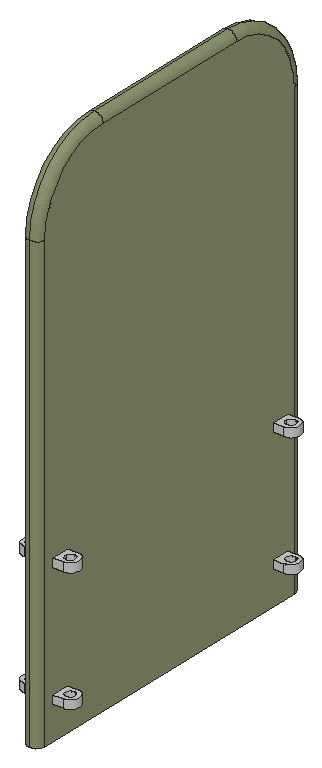
Revit family "FU_Table_Sandler_REUNION 1281", category Furniture, Revit 2020
Family settings
  OmniClass Number = 23.21.23.15.17
  Work Plane-Based = Yes
  Always vertical = No
  Cut with Voids When Loaded = No
  Shared = No
  Room Calculation Point = No
Parameters (values of type "REUNION 1281A")
  Z-Offset = 355.000 mm
  Youtube clip = ""
  X-Offset = 470.000 mm
  Uniformat II Description = "Movable Furnishings"
  Uniformat II Code = ""
  Uniclass 2015 Name = ""
  Uniclass 2015 Code = ""
  Uniclass 2.0 Description = ""
  Uniclass 2.0 Code = ""
  Uniclass 1.4 Description = ""
  Uniclass 1.4 Code = ""
  UNSPSC Code = ""
  Technical description = ""
  Region South America = "All"
  Region Oceania = "All"
  Region North America = "All"
  Region Middle East = "All"
  Region Europe = "All"
  Region Asia = "All"
  Region Antarctica = "All"
  Region Africa = "All"
  QR code = "https://www.sandlerseating.com/product/reunion-1281a/"
  Product url = "https://www.sandlerseating.com/product/reunion-1281a/"
  Product name = "REUNION 1281A"
  Product group = "Table"
  Product family = "Furniture"
  Product data url = "https://www.sandlerseating.com/product/reunion-1281a/"
  Product certification = ""
  Product SKU = "??"
  Product Guid = "??"
  P Depth = 590.000 mm
  OmniClass Description = ""
  OmniClass Code = "23-21 23 15 17"
  NBS Reference Description = ""
  NBS Reference Code = ""
  Model = "REUNION 1281A"
  Masterformat 2014 Description = "Table Mats"
  Masterformat 2014 Code = "12 48 43.13"
  Manufacturer name = "Sandler"
  Manufacturer country = "USA"
  Manufacturer = "Sandler"
  Installation instructions = ""
  IFC Classification = "Furnishing Element"
  Height = 960.000 mm
  GTIN code = ""
  Edition number = 1
  Side Panel Finish [instance] = Fabric - X2 - Algebra AK005
  Design country = ""
  Description = "Table"
  Default Elevation = 0.000 mm
  Date of publishing = ""
  COBIe Type Category = ""
  Brand url = "https://www.sandlerseating.com/"
  BIMobject main category code = "furniture"
  BIMobject main category = "Furniture"
  BIMobject category code = "furniture-table"
  BIMobject category = "Table"
Types (2, lengths in mm): name | QR code | Product url | Product name | Product data url | Model | Height
  REUNION 1281A | "https://www.sandlerseating.com/product/reunion-1281a/" | "https://www.sandlerseating.com/product/reunion-1281a/" | "REUNION 1281A" | "https://www.sandlerseating.com/product/reunion-1281a/" | "REUNION 1281A" | 960.000
  REUNION 1280B | "https://www.sandlerseating.com/product/reunion-1281b/" | "https://www.sandlerseating.com/product/reunion-1281b/" | "REUNION 1281B" | "https://www.sandlerseating.com/product/reunion-1281b/" | "REUNION 1281B" | 810.000
Reference planes
  plane 1 "Center Front/Back": y = 0
  plane 2: z = 0
  plane 3 "Center Left/Right": x = 0
  plane 4 "P Front": x = -470
  plane 5 "Back": y = 340
  plane 6 "Front": y = -340
  plane 7 "Base": z = 355
  plane 8 "P Back": x = -500
  plane 9 "Top": z = 1315
  plane 10 "P Depth": y = -250
  plane 11 "inner screen top": z = 1300
  plane 12 "inner screen front": y = -235
  plane 13 "inner creen back": y = 325
  plane 14 "F Connect V": y = -202.5
  plane 15 "B Connect V": y = 292.5
  plane 16 "Bottom Coonects": z = 423.835
  plane 17 "Top Connects": z = 643.835
  plane 18 "Inner Con F": x = -434
  plane 19 "outer Conn front": x = -536
Forms (mm)
  Extrusion 1, solid, material "Fabric - X2 - Algebra AK005" <- "Side Panel Finish"
    sketch origin (-470, 0, 0) x (0, 1, 0) y (0, 0, 1)
      loop
        line (-235, 355) -> (325, 355) -> (325, 1170)
        arc (325, 1170) -> (286.924, 1261.924) -> (195, 1300) r 130
        line (195, 1300) -> (-105, 1300)
        arc (-105, 1300) -> (-196.924, 1261.924) -> (-235, 1170) r 130
        line (-235, 1170) -> (-235, 355)
    from 0 to -30
  Sweep 2, solid, material "Fabric - X2 - Algebra AK005" <- "Side Panel Finish"
    path in 3D
      loop
        line (-470, 325, 355) -> (-470, 325, 1170)
        arc (-470, 325, 1170) -> (-470, 286.924, 1261.924) -> (-470, 195, 1300) r 130
        line (-470, 195, 1300) -> (-470, -105, 1300)
        arc (-470, -105, 1300) -> (-470, -196.924, 1261.924) -> (-470, -235, 1170) r 130
        line (-470, -235, 1170) -> (-470, -235, 355)
    profile "Pro_Half Circles : 30mm" origin (-470, -235, 762.5) x (0, 1, 0) y (1, 0, 0)
      loop
        arc (-15, -15) -> (-10.607, -25.607) -> (0, -30) r 15
        line (0, -30) -> (0, 0)
        arc (0, 0) -> (-10.607, -4.393) -> (-15, -15) r 15
  Extrusion 3, solid, material "Metal - Chrome - Brushed"
    sketch origin (0, 0, 643.835) x (1, 0, 0) y (0, 1, 0)
      loop
        line (-470, 308.5) -> (-470, 276.5) -> (-450, 276.5)
        arc (-450, 276.5) -> (-434, 292.5) -> (-450, 308.5) r 16
        line (-450, 308.5) -> (-470, 308.5)
      loop
        circle (-450, 292.5) r 9
    from -7.5 to 7.5
  Extrusion 4, solid, material "Metal - Chrome - Brushed"
    sketch origin (0, -495, 643.835) x (1, 0, 0) y (0, 1, 0)
      loop
        line (-470, 308.5) -> (-470, 276.5) -> (-450, 276.5)
        arc (-450, 276.5) -> (-434, 292.5) -> (-450, 308.5) r 16
        line (-450, 308.5) -> (-470, 308.5)
      loop
        circle (-450, 292.5) r 9
    from -7.5 to 7.5
  Extrusion 5, solid, material "Metal - Chrome - Brushed"
    sketch origin (0, 0, 423.835) x (0, -1, 0) y (1, 0, 0)
      loop
        line (-308.5, -470) -> (-276.5, -470) -> (-276.5, -450)
        arc (-276.5, -450) -> (-292.5, -434) -> (-308.5, -450) r 16
        line (-308.5, -450) -> (-308.5, -470)
      loop
        circle (-292.5, -450) r 9
    from -7.5 to 7.5
  Extrusion 6, solid, material "Metal - Chrome - Brushed"
    sketch origin (0, 0, 423.835) x (0, -1, 0) y (1, 0, 0)
      loop
        line (186.5, -470) -> (218.5, -470) -> (218.5, -450)
        arc (218.5, -450) -> (202.5, -434) -> (186.5, -450) r 16
        line (186.5, -450) -> (186.5, -470)
      loop
        circle (202.5, -450) r 9
    from -7.5 to 7.5
  Extrusion 7, solid, material "Metal - Chrome - Brushed"
    sketch origin (-970, 0, 643.835) x (-1, 0, 0) y (0, -1, 0)
      loop
        line (-470, -308.5) -> (-450, -308.5)
        arc (-450, -308.5) -> (-434, -292.5) -> (-450, -276.5) r 16
        line (-450, -276.5) -> (-470, -276.5) -> (-470, -308.5)
      loop
        circle (-450, -292.5) r 9
    from -7.5 to 7.5
  Extrusion 8, solid, material "Metal - Chrome - Brushed"
    sketch origin (-970, -495, 643.835) x (-1, 0, 0) y (0, -1, 0)
      loop
        line (-470, -308.5) -> (-450, -308.5)
        arc (-450, -308.5) -> (-434, -292.5) -> (-450, -276.5) r 16
        line (-450, -276.5) -> (-470, -276.5) -> (-470, -308.5)
      loop
        circle (-450, -292.5) r 9
    from -7.5 to 7.5
  Extrusion 9, solid, material "Metal - Chrome - Brushed"
    sketch origin (-970, 0, 423.835) x (0, -1, 0) y (1, 0, 0)
      loop
        line (-308.5, 470) -> (-308.5, 450)
        arc (-308.5, 450) -> (-292.5, 434) -> (-276.5, 450) r 16
        line (-276.5, 450) -> (-276.5, 470) -> (-308.5, 470)
      loop
        circle (-292.5, 450) r 9
    from -7.5 to 7.5
  Extrusion 10, solid, material "Metal - Chrome - Brushed"
    sketch origin (-970, 0, 423.835) x (0, -1, 0) y (1, 0, 0)
      loop
        line (186.5, 470) -> (186.5, 450)
        arc (186.5, 450) -> (202.5, 434) -> (218.5, 450) r 16
        line (218.5, 450) -> (218.5, 470) -> (186.5, 470)
      loop
        circle (202.5, 450) r 9
    from -7.5 to 7.5
Cuts and joins
  joined: Extrusion 1, Sweep 2
Lines and regions (mm)
  sketch lines
    curve 1: line (-470, -235, 1170) -> (-470, -235, 355)
    curve 2: arc (-470, -235, 1170) -> (-470, -196.924, 1261.924) -> (-470, -105, 1300) r 130
    curve 3: line (-470, 195, 1300) -> (-470, -105, 1300)
    curve 4: arc (-470, 195, 1300) -> (-470, 286.924, 1261.924) -> (-470, 325, 1170) r 130
    curve 5: line (-470, 325, 355) -> (-470, 325, 1170)
Dimensions and locks
  equal spacing: plane 6 "Front", plane 1 "Center Front/Back", plane 5 "Back"
  plane 6 "Front" to plane 5 "Back" = 680.000 mm
  locked: plane 8 "P Back" to plane 4 "P Front" at 30
  "X-Offset": plane 4 "P Front" to plane 3 "Center Left/Right"
  "P Depth": plane 10 "P Depth" to plane 5 "Back"
  "Height": plane 9 "Top" to plane 7 "Base"
  "Z-Offset": plane 7 "Base" to level
  locked: plane 9 "Top" to plane 11 "inner screen top" at 15
  locked: plane 10 "P Depth" to plane 12 "inner screen front" at 15
  locked: plane 13 "inner creen back" to plane 5 "Back" at 15
  locked: plane 4 "P Front" to plane 18 "Inner Con F" at 36
  locked: plane 19 "outer Conn front" to plane 8 "P Back" at 36
  aligned and locked: level to plane 2
  aligned and locked: plane 8 "P Back" to Extrusion 7
Automatic sketch dimensions
  Extrusion 1 sketch curve to plane 7 "Base" = 0.000 mm
  Extrusion 1 sketch curve to plane 12 "inner screen front" = 0.000 mm
  Extrusion 1 sketch curve to plane 11 "inner screen top" = 0.000 mm
  Extrusion 1 sketch curve to plane 13 "inner creen back" = 0.000 mm
  plane 14 "F Connect V" to Extrusion 1 sketch curve = 97.500 mm
  plane 15 "B Connect V" to Extrusion 1 sketch curve = 97.500 mm
  Extrusion 3 sketch curve to Extrusion 3 sketch curve = 0.000 mm  (x2)
  Extrusion 3 sketch curve to plane 4 "P Front" = 0.000 mm
  plane 15 "B Connect V" to Extrusion 3 sketch curve = 0.000 mm
  Extrusion 3 sketch curve to plane 18 "Inner Con F" = 16.000 mm
  plane 15 "B Connect V" to Extrusion 3 sketch curve = 16.000 mm
  Extrusion 4 sketch curve to Extrusion 4 sketch curve = 0.000 mm  (x2)
  Extrusion 4 sketch curve to plane 4 "P Front" = 0.000 mm
  Extrusion 4 sketch curve to plane 14 "F Connect V" = 0.000 mm
  Extrusion 4 sketch curve to plane 18 "Inner Con F" = 16.000 mm
  Extrusion 4 sketch curve to plane 14 "F Connect V" = 16.000 mm
  Extrusion 5 sketch curve to Extrusion 5 sketch curve = 0.000 mm  (x2)
  Extrusion 5 sketch curve to plane 4 "P Front" = 0.000 mm
  plane 15 "B Connect V" to Extrusion 5 sketch curve = 0.000 mm
  Extrusion 5 sketch curve to plane 15 "B Connect V" = 16.000 mm
  Extrusion 5 sketch curve to plane 18 "Inner Con F" = 16.000 mm
  Extrusion 6 sketch curve to Extrusion 6 sketch curve = 0.000 mm  (x2)
  Extrusion 6 sketch curve to plane 4 "P Front" = 0.000 mm
  Extrusion 6 sketch curve to plane 14 "F Connect V" = 0.000 mm
  plane 14 "F Connect V" to Extrusion 6 sketch curve = 16.000 mm
  Extrusion 6 sketch curve to plane 18 "Inner Con F" = 16.000 mm
  Extrusion 7 sketch curve to Extrusion 7 sketch curve = 0.000 mm  (x2)
  plane 15 "B Connect V" to Extrusion 7 sketch curve = 0.000 mm
  Extrusion 7 sketch curve to plane 19 "outer Conn front" = 36.000 mm
  Extrusion 7 sketch curve to plane 19 "outer Conn front" = 16.000 mm
  Extrusion 7 sketch curve to plane 15 "B Connect V" = 16.000 mm
  Extrusion 8 sketch curve to Extrusion 8 sketch curve = 0.000 mm  (x2)
  Extrusion 8 sketch curve to plane 14 "F Connect V" = 0.000 mm
  Extrusion 8 sketch curve to plane 19 "outer Conn front" = 36.000 mm
  Extrusion 8 sketch curve to plane 19 "outer Conn front" = 16.000 mm
  plane 14 "F Connect V" to Extrusion 8 sketch curve = 16.000 mm
  Extrusion 9 sketch curve to Extrusion 9 sketch curve = 0.000 mm  (x2)
  plane 15 "B Connect V" to Extrusion 9 sketch curve = 0.000 mm
  Extrusion 9 sketch curve to plane 19 "outer Conn front" = 36.000 mm
  plane 15 "B Connect V" to Extrusion 9 sketch curve = 16.000 mm
  Extrusion 9 sketch curve to plane 19 "outer Conn front" = 16.000 mm
  Extrusion 10 sketch curve to Extrusion 10 sketch curve = 0.000 mm  (x2)
  Extrusion 10 sketch curve to plane 14 "F Connect V" = 0.000 mm
  Extrusion 10 sketch curve to plane 19 "outer Conn front" = 36.000 mm
  Extrusion 10 sketch curve to plane 14 "F Connect V" = 16.000 mm
  Extrusion 10 sketch curve to plane 19 "outer Conn front" = 16.000 mm
  radius of Extrusion 3 sketch curve = 9.000 mm
  radius of Extrusion 4 sketch curve = 9.000 mm
  radius of Extrusion 5 sketch curve = 9.000 mm
  radius of Extrusion 6 sketch curve = 9.000 mm
  radius of Extrusion 7 sketch curve = 9.000 mm
  radius of Extrusion 8 sketch curve = 9.000 mm
  radius of Extrusion 9 sketch curve = 9.000 mm
  radius of Extrusion 10 sketch curve = 9.000 mm
